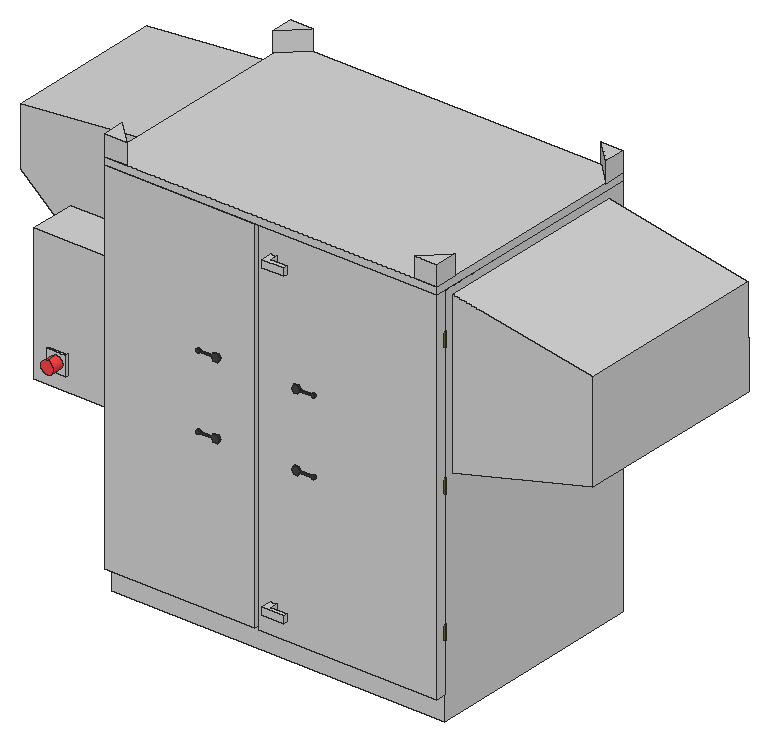
Revit family "Ventilator-RenewAire-Energy-Recovery-HE1.5XRTV", category Mechanical Equipment, Revit 2015
Parameters (values of type "1.0 HP 120V Single Phase")
  Voltage = "120"
  Ventilation Type = "Static Plate, Heat and Humidity Transfer"
  Unit Width = "33-1/4\""
  Unit Weight = "394-548 lbs."
  Unit Length = "86\""
  Unit Height = "56-3/4\""
  Unit = Metal - RenewAire - Anodized - Gray Text
  URL = "www.renewaire.com"
  Typical Airflow Range = "375 - 1,575 CFM"
  Standard Features = "Non-Fused Disconnect, 24VAC Transformer/Relay Package"
  Shipping Weight = "615 lbs."
  Service Area Visibility = no
  Service Area Box = Interference - RenewAire - Smooth - Light - Gold
  Revit Object Download Link = ""
  Phase = "Single"
  Options = "Qty. 2, EC Motor (see HE1.5XRT EC Motor submittal), 1.0 HP 120V/1Ph/60HZ, 1.0HP 208-230V/1Ph/60HZ, Integrated programmable controls, Fused disconnect, Double wall construction, Factory supplied and mounted variable frequency drives(VFDs) - one or both airstreams, Gravity backdraft dampers, Class 1 low leakage motorized isolation dampers – FA, EA or both airstreams, Qty. 2 Factory mounted filter alarms, Independent blower control, Exterior paint - white, custom colors"
  Number Motors = "Qty. 2, 1.0 HP ea., Direct drive standard motorized impeller packages"
  Model = "HE1.5XRT"
  Minimum Circuit Amps = "14.6 A"
  Maximum Overcurrent Protection = "20 A"
  Max. Shipping Width = "47\""
  Max. Shipping Length = "70\""
  Max. Shipping Height = "83\""
  Manufacturer = "RenewAire LLC"
  Frequency = "60 HZ"
  FLA per Motor = "6.5"
  Description = "Energy Recovery Ventilator"
  Accessories = "Filters - MERV 13, 2\" (shipped loose), Backdraft Damper - OA or EA, Roof curb - standard 14\", Curb wind clip, Engineered combo curb for Carrier RTU, Engineered combo curb for Trane RTU, Digital time clock - wall mount(TC7D-W), in exterior enclosure (TC7D-E), Motion occupancy control - ceiling mount(MC-C), wall mount(MC-W), Carbon dioxide control - wall mount (CO2-W), duct mount(CO2-D), Electric duct heater – EK series (1-60 KW); designed for indoor ductwork installation only, Indirect gas-fired duct furnace - GH Series (50-400 MBH), installed downstream of any fans"
  AHRI 1060 Certified Core = "One L62-G5 and one L125-G5"
Types (6): name | Voltage | Phase | Minimum Circuit Amps | Maximum Overcurrent Protection | FLA per Motor
  (no name) | "120" | "Single" | "14.6 A" | "20 A" | "6.5"
  1.0 HP 120V Single Phase | "120" | "Single" | "14.6 A" | "20 A" | "6.5"
  1.0 HP 208-230 Single Phase | "208-230" | "Single" | "7.7 A" | "15 A" | "3.3-3.4"
  1.0 HP 277 Single Phase | "277" | "Single" | "6.1 A" | "15 A" | "2.7"
  1.0 HP 208-230 Three Phase | "208-230" | "Three" | "5.0" | "15 A" | "2.2-2.2"
  1.0 HP 460 Three Phase | "460" | "Three" | "2.5 A" | "15 A" | "1.1"
Reference planes (in)
  plane 1 "Center (Front/Back)": y = 0
  plane 2: z = 0
  plane 3 "Center (Left/Right)": x = 0
  plane 4 "MinServiceArea": y = -36.0625
  plane 5: z = 54
  plane 6: z = 53
Forms (in)
  Extrusion 1, solid, material "Metal - RenewAire - Anodized - Gray Text" <- "Unit"
    sketch origin (28, 0, 24.5625) x (0, 0, 1) y (0, 1, 0)
      loop
        line (-24.5625, 15.9375) -> (-24.5625, -14.6875) -> (28.4375, -14.6875) -> (28.4375, 15.9375) -> (-24.5625, 15.9375)
    from 3.25 to 48.875
  Extrusion 2, solid, material "Metal - RenewAire - Anodized - Gray Text" <- "Unit"
    sketch origin (28, 0, 24.5625) x (0, 0, 1) y (-1, 0, 0)
      loop
        line (-21.3125, 48.875) -> (-21.3125, 28.25) -> (28.4375, 28.25) -> (28.4375, 48.875) -> (-21.3125, 48.875)
      loop
        line (-21.3125, 27.75) -> (-21.3125, 3.25) -> (28.4375, 3.25) -> (28.4375, 27.75) -> (-21.3125, 27.75)
    from 14.6875 to 15.9375
  Extrusion 3, solid, material "Interference - RenewAire - Smooth - Light - Gold" <- "Service Area Box", visible <- "Service Area Visibility"
    sketch origin (28, 0, 24.5625) x (0, 1, 0) y (-1, 0, 0)
      loop
        line (-15.9375, 48.875) -> (-40.4375, 48.875) -> (-40.4375, 3.25) -> (-15.9375, 3.25) -> (-15.9375, 48.875)
    from -21.3125 to 29.4375
  Extrusion 4, solid, material "Metal - RenewAire - Anodized - Gray Text" <- "Unit"
    sketch origin (-19.375, 0, 42.6875) x (0, 0, 1) y (-1, 0, 0)
      loop
        line (-18.6875, 10.625) -> (-18.6875, 8) -> (-16.0625, 8) -> (-16.0625, 10.625) -> (-18.6875, 10.625)
    from 14.1875 to 14.5
  Extrusion 5, solid, material "Plastic Red"
    sketch origin (-19.375, 0, 42.6875) x (0, 0, 1) y (-1, 0, 0)
      loop
        circle (-17.375, 9.3125) r 0.875
    from 14.5 to 16
  Extrusion 6, solid, material "MonitorPorts"
    sketch origin (29.60669, 0, 34.19097) x (0, 0, 1) y (-1, 0, 0)
      loop
        line (-9.53348, 35.65895) -> (-9.94097, 35.42369) -> (-9.94097, 34.83769) -> (-9.43348, 34.54469) -> (-8.92599, 34.83769) -> (-8.92599, 35.42369) -> (-9.33348, 35.65895) -> (-9.33348, 37.28756)
        arc (-9.33348, 37.28756) -> (-9.43348, 37.76669) -> (-9.53348, 37.28756) r 0.25
        line (-9.53348, 37.28756) -> (-9.53348, 35.65895)
    from 15.9375 to 16.15339
  Extrusion 7, solid, material "MonitorPorts"
    sketch origin (29.60669, 0, 44.19097) x (0, 0, 1) y (-1, 0, 0)
      loop
        line (-9.53348, 35.65895) -> (-9.94097, 35.42369) -> (-9.94097, 34.83769) -> (-9.43348, 34.54469) -> (-8.92599, 34.83769) -> (-8.92599, 35.42369) -> (-9.33348, 35.65895) -> (-9.33348, 37.28756)
        arc (-9.33348, 37.28756) -> (-9.43348, 37.76669) -> (-9.53348, 37.28756) r 0.25
        line (-9.53348, 37.28756) -> (-9.53348, 35.65895)
    from 15.9375 to 16.15339
  Extrusion 8, solid, material "MonitorPorts"
    sketch origin (-29.60458, 0, 25.32401) x (0, 0, -1) y (1, 0, 0)
      loop
        line (-9.53348, 35.65895) -> (-9.94097, 35.42369) -> (-9.94097, 34.83769) -> (-9.43348, 34.54469) -> (-8.92599, 34.83769) -> (-8.92599, 35.42369) -> (-9.33348, 35.65895) -> (-9.33348, 37.28756)
        arc (-9.33348, 37.28756) -> (-9.43348, 37.76669) -> (-9.53348, 37.28756) r 0.25
        line (-9.53348, 37.28756) -> (-9.53348, 35.65895)
    from 15.9375 to 16.15339
  Extrusion 9, solid, material "MonitorPorts"
    sketch origin (-29.60458, 0, 15.32401) x (0, 0, -1) y (1, 0, 0)
      loop
        line (-9.53348, 35.65895) -> (-9.94097, 35.42369) -> (-9.94097, 34.83769) -> (-9.43348, 34.54469) -> (-8.92599, 34.83769) -> (-8.92599, 35.42369) -> (-9.33348, 35.65895) -> (-9.33348, 37.28756)
        arc (-9.33348, 37.28756) -> (-9.43348, 37.76669) -> (-9.53348, 37.28756) r 0.25
        line (-9.53348, 37.28756) -> (-9.53348, 35.65895)
    from 15.9375 to 16.15339
  Extrusion 10, solid, material "Interference - RenewAire - Smooth - Light - Gold"
    sketch origin (0, 0, 0) x (1, 0, 0) y (0, 1, 0)
      loop
        circle (-21, -14.68889) r 0.125
      loop
        circle (24.875, -14.68889) r 0.125
    from 28 to 30
  Extrusion 11, solid, material "Interference - RenewAire - Smooth - Light - Gold"
    sketch origin (0, 0, 0) x (1, 0, 0) y (0, 1, 0)
      loop
        circle (-21, -14.68889) r 0.125
      loop
        circle (24.875, -14.68889) r 0.125
    from 10 to 12
  Extrusion 12, solid, material "Interference - RenewAire - Smooth - Light - Gold"
    sketch origin (0, 0, 0) x (1, 0, 0) y (0, 1, 0)
      loop
        circle (-21, -14.68889) r 0.125
      loop
        circle (24.875, -14.68889) r 0.125
    from 46 to 48
  Extrusion 13, void
    sketch origin (0, 0, 0) x (1, 0, 0) y (0, 1, 0)
      loop
        line (-15.875, 7.5625) -> (-15.875, -6.4375) -> (-1.875, -6.4375) -> (-1.875, 7.5625) -> (-15.875, 7.5625)
    from -1.72878 to 3.375
  Extrusion 14, void
    sketch origin (0, 0, 0) x (1, 0, 0) y (0, 1, 0)
      loop
        line (5.375, 7.5625) -> (5.375, -6.4375) -> (19.375, -6.4375) -> (19.375, 7.5625) -> (5.375, 7.5625)
    from -2.28633 to 3.375
  Extrusion 15, solid, material "Metal - RenewAire - Anodized - Gray Text" <- "Unit"
    sketch origin (0, 0, 0) x (1, 0, 0) y (0, 1, 0)
      loop
        line (-20.875, 15.9375) -> (-20.875, 12.9375) -> (-17.875, 15.9375) -> (-20.875, 15.9375)
      loop
        line (24.75, 15.9375) -> (21.75, 15.9375) -> (24.75, 12.9375) -> (24.75, 15.9375)
      loop
        line (-20.875, -15.9375) -> (-17.875, -15.9375) -> (-20.875, -12.9375) -> (-20.875, -15.9375)
      loop
        line (24.75, -15.9375) -> (24.75, -12.9375) -> (21.75, -15.9375) -> (24.75, -15.9375)
    from 54 to 56.75
  Extrusion 16, solid, material "Metal - RenewAire - Anodized - Gray Text" <- "Unit"
    sketch origin (0, 0, 0) x (0, 1, 0) y (0, 0, 1)
      loop
        line (15.9375, 53) -> (15.9375, 54) -> (-15.9375, 54) -> (-15.9375, 53) -> (15.9375, 53)
    from -20.875 to 24.75
  Extrusion 17, solid, material "Metal - RenewAire - Anodized - Gray Text" <- "Unit"
    sketch origin (0, 0, 0) x (1, 0, 0) y (0, 0, 1)
      loop
        line (-20.875, 40.5) -> (-32, 40.5) -> (-32, 22) -> (-20.875, 22) -> (-20.875, 40.5)
    from 7.8125 to 14.1875
  Extrusion 18, solid, material "Metal - RenewAire - Anodized - Gray Text" <- "Unit"
    sketch origin (0, 0, 0) x (1, 0, 0) y (0, 0, 1)
      loop
        line (24.75, 30) -> (44, 35) -> (44, 48.5) -> (24.75, 52) -> (24.75, 30)
    from 13.375 to -13.375
  Extrusion 19, solid, material "Metal - RenewAire - Anodized - Gray Text" <- "Unit"
    sketch origin (0, 0, 0) x (1, 0, 0) y (0, 0, 1)
      loop
        line (-20.875, 33.375) -> (-20.875, 51.625) -> (-39.75, 49.83802) -> (-39.75, 41.875) -> (-30.125, 33.375) -> (-20.875, 33.375)
    from -14.9375 to 6.8125
  Extrusion 20, void
    sketch origin (0, 0, 0) x (1, 0, 0) y (0, 1, 0)
      loop
        line (-20.375, 15.4375) -> (-20.375, -14.1875) -> (24.25, -14.1875) -> (24.25, 15.4375) -> (-20.375, 15.4375)
    from 0 to 3.25
  Extrusion 21, solid, material "Metal - RenewAire - Anodized - Gray Text" <- "Unit"
    sketch origin (0, 0, 0) x (1, 0, 0) y (0, 1, 0)
      loop
        line (1.9375, -15.9375) -> (1.9375, -17.4375) -> (4.9375, -17.4375) -> (4.9375, -16.9375) -> (2.6875, -16.9375) -> (2.6875, -15.9375) -> (1.9375, -15.9375)
    from 49 to 50
  Extrusion 22, solid, material "Metal - RenewAire - Anodized - Gray Text" <- "Unit"
    sketch origin (0, 0, 0) x (1, 0, 0) y (0, 1, 0)
      loop
        line (1.9375, -15.9375) -> (1.9375, -17.4375) -> (4.9375, -17.4375) -> (4.9375, -16.9375) -> (2.6875, -16.9375) -> (2.6875, -15.9375) -> (1.9375, -15.9375)
    from 6.25 to 7.25
Cuts and joins
  Extrusion 13, Extrusion 14, Extrusion 20 cuts Extrusion 1
Dimensions and locks (in)
  aligned and locked: level to plane 2
Connectors (in)
  hvac at (12.375, 0.5625, 3.375)
    settings: on cut or joined group of Extrusion 1, Extrusion 13, Extrusion 14, Extrusion 20, index 3, duct flow 0 CFM, flow factor 0, pres drop 0.00 in-wg, loss coef 0, conn angle 0.00°, conn width 16", conn height 14", conn diameter 24", duct sys type 2, conn prof type 1, flow config 0, flow direction 1, loss method 0, conn ref index -1, conn util no, is conn primary yes, conn desc "RA (Return Air)"
  hvac at (-8.875, 0.5625, 3.375)
    settings: on cut or joined group of Extrusion 1, Extrusion 13, Extrusion 14, Extrusion 20, index 4, duct flow 0 CFM, flow factor 0, pres drop 0.00 in-wg, loss coef 0, conn angle 0.00°, conn width 16", conn height 14", conn diameter 24", duct sys type 1, conn prof type 1, flow config 0, flow direction 2, loss method 0, conn ref index -1, conn util no, is conn primary no, conn desc "FA (Fresh Air)"
